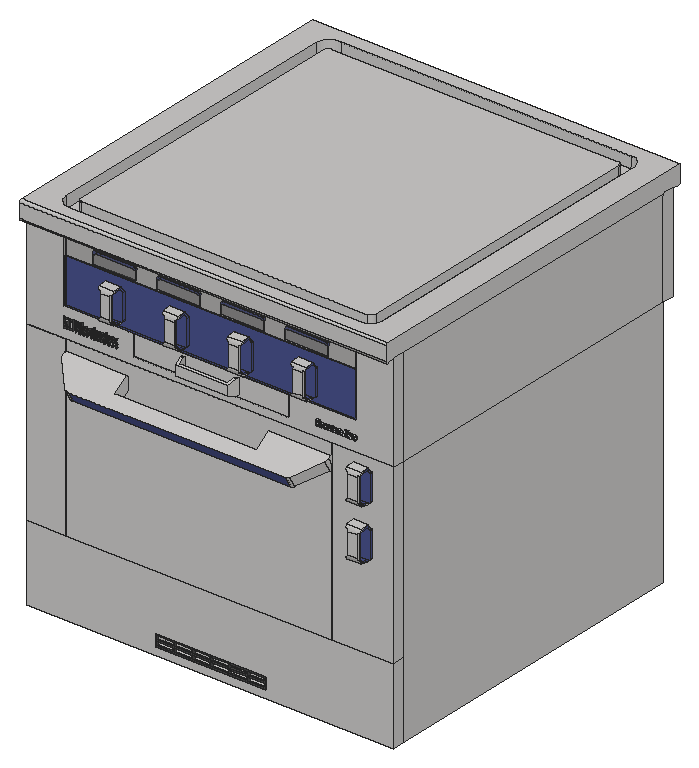
Revit family "QF_ELECTROLUXPROFESSIONAL_588425_MATGFAH8AO", category Attrezzature speciali, Revit 2020 (continued)
Definition of nested family "Front_Panel_W800_Four Knobs"
  Definition of nested family "ELX_Professional_Logo_Small"
    Forms (mm)
      Extrusion 2, solid, material <- "Material_Logo"
        sketch origin (15.5, 0, 0) x (1, 0, 0) y (0, 1, 0)
          loop
            spline (-24.446, 2.769) -> (-24.47, 3.075) -> (-24.54, 3.37) -> (-24.654, 3.65) -> (-24.807, 3.913) -> (-24.996, 4.156) -> (-25.219, 4.376) -> (-25.472, 4.57) -> (-25.753, 4.736) -> (-26.057, 4.869) -> (-26.382, 4.968) -> (-26.724, 5.03) -> (-27.081, 5.051)
            spline (-27.081, 5.051) -> (-27.464, 5.03) -> (-27.832, 4.97) -> (-28.183, 4.872) -> (-28.513, 4.74) -> (-28.819, 4.577) -> (-29.099, 4.384) -> (-29.347, 4.165) -> (-29.563, 3.923) -> (-29.742, 3.659) -> (-29.881, 3.377) -> (-29.977, 3.079) -> (-30.027, 2.769)
            line (-30.027, 2.769) -> (-24.446, 2.769)
          loop
            spline (-18.167, 1.669) -> (-18.138, 2.13) -> (-18.055, 2.567) -> (-17.921, 2.978) -> (-17.739, 3.358) -> (-17.512, 3.705) -> (-17.243, 4.016) -> (-16.937, 4.287) -> (-16.596, 4.517) -> (-16.223, 4.7) -> (-15.823, 4.835) -> (-15.398, 4.919) -> (-14.951, 4.947)
            spline (-14.951, 4.947) -> (-14.677, 4.938) -> (-14.414, 4.913) -> (-14.162, 4.871) -> (-13.921, 4.812) -> (-13.69, 4.738) -> (-13.467, 4.649) -> (-13.254, 4.544) -> (-13.048, 4.424) -> (-12.85, 4.291) -> (-12.659, 4.143) -> (-12.474, 3.981) -> (-12.295, 3.806)
            line (-12.295, 3.806) -> (-10.76, 5.403)
            spline (-10.76, 5.403) -> (-11.065, 5.709) -> (-11.38, 5.984) -> (-11.703, 6.228) -> (-12.035, 6.443) -> (-12.375, 6.63) -> (-12.723, 6.788) -> (-13.078, 6.92) -> (-13.44, 7.026) -> (-13.809, 7.107) -> (-14.184, 7.164) -> (-14.564, 7.198) -> (-14.951, 7.209)
            spline (-14.951, 7.209) -> (-15.725, 7.161) -> (-16.467, 7.02) -> (-17.169, 6.792) -> (-17.826, 6.482) -> (-18.43, 6.096) -> (-18.976, 5.637) -> (-19.455, 5.112) -> (-19.862, 4.525) -> (-20.19, 3.882) -> (-20.433, 3.189) -> (-20.584, 2.449) -> (-20.635, 1.669)
            spline (-20.635, 1.669) -> (-20.584, 0.889) -> (-20.433, 0.149) -> (-20.19, -0.545) -> (-19.862, -1.187) -> (-19.455, -1.774) -> (-18.976, -2.299) -> (-18.43, -2.758) -> (-17.826, -3.145) -> (-17.169, -3.454) -> (-16.467, -3.682) -> (-15.725, -3.823) -> (-14.951, -3.871)
            spline (-14.951, -3.871) -> (-14.564, -3.86) -> (-14.184, -3.826) -> (-13.809, -3.77) -> (-13.44, -3.689) -> (-13.078, -3.583) -> (-12.723, -3.451) -> (-12.375, -3.292) -> (-12.035, -3.105) -> (-11.703, -2.89) -> (-11.38, -2.646) -> (-11.065, -2.371) -> (-10.76, -2.066)
            line (-10.76, -2.066) -> (-12.295, -0.468)
            spline (-12.295, -0.468) -> (-12.474, -0.643) -> (-12.659, -0.805) -> (-12.85, -0.953) -> (-13.048, -1.087) -> (-13.254, -1.206) -> (-13.467, -1.311) -> (-13.69, -1.4) -> (-13.921, -1.475) -> (-14.162, -1.533) -> (-14.414, -1.575) -> (-14.677, -1.6) -> (-14.951, -1.609)
            spline (-14.951, -1.609) -> (-15.398, -1.581) -> (-15.823, -1.497) -> (-16.223, -1.362) -> (-16.596, -1.179) -> (-16.937, -0.95) -> (-17.243, -0.678) -> (-17.512, -0.367) -> (-17.739, -0.02) -> (-17.921, 0.36) -> (-18.055, 0.771) -> (-18.138, 1.208) -> (-18.167, 1.669)
          loop
            spline (-4.441, -1.243) -> (-4.659, -1.247) -> (-4.894, -1.23) -> (-5.137, -1.19) -> (-5.384, -1.121) -> (-5.628, -1.021) -> (-5.864, -0.884) -> (-6.084, -0.708) -> (-6.283, -0.488) -> (-6.454, -0.219) -> (-6.592, 0.101) -> (-6.69, 0.478) -> (-6.742, 0.914)
            line (-6.742, 0.914) -> (-6.742, 4.587) -> (-4.487, 4.587) -> (-4.487, 6.838) -> (-6.738, 6.838) -> (-6.738, 10.824) -> (-9.217, 10.824) -> (-9.217, 0.773)
            spline (-9.217, 0.773) -> (-9.164, 0.19) -> (-9.068, -0.358) -> (-8.928, -0.87) -> (-8.742, -1.343) -> (-8.511, -1.777) -> (-8.232, -2.168) -> (-7.904, -2.515) -> (-7.527, -2.816) -> (-7.098, -3.069) -> (-6.618, -3.273) -> (-6.084, -3.426) -> (-5.496, -3.525)
            line (-5.496, -3.525) -> (-4.45, -3.573) -> (-4.441, -1.243)
          loop
            spline (3.898, 6.983) -> (3.469, 7.009) -> (3.056, 7.001) -> (2.661, 6.961) -> (2.283, 6.888) -> (1.925, 6.785) -> (1.588, 6.652) -> (1.272, 6.49) -> (0.979, 6.301) -> (0.71, 6.085) -> (0.465, 5.844) -> (0.247, 5.578) -> (0.056, 5.289)
            line (0.056, 5.289) -> (0.056, 6.838) -> (-2.402, 6.838) -> (-2.402, -3.572) -> (0.056, -3.572) -> (0.056, 1.901)
            spline (0.056, 1.901) -> (0.079, 2.316) -> (0.145, 2.703) -> (0.254, 3.06) -> (0.404, 3.386) -> (0.592, 3.679) -> (0.818, 3.938) -> (1.08, 4.162) -> (1.375, 4.348) -> (1.703, 4.495) -> (2.062, 4.602) -> (2.45, 4.668) -> (2.865, 4.69)
            line (2.865, 4.69) -> (3.898, 4.586) -> (3.898, 6.983)
          loop
            spline (15.638, 1.633) -> (15.586, 2.396) -> (15.435, 3.124) -> (15.192, 3.81) -> (14.863, 4.449) -> (14.455, 5.034) -> (13.975, 5.56) -> (13.43, 6.021) -> (12.826, 6.411) -> (12.17, 6.724) -> (11.469, 6.955) -> (10.729, 7.098) -> (9.958, 7.147)
            spline (9.958, 7.147) -> (9.182, 7.098) -> (8.44, 6.955) -> (7.737, 6.724) -> (7.081, 6.411) -> (6.477, 6.021) -> (5.933, 5.56) -> (5.454, 5.034) -> (5.048, 4.449) -> (4.721, 3.81) -> (4.479, 3.124) -> (4.329, 2.396) -> (4.277, 1.633)
            spline (4.277, 1.633) -> (4.329, 0.869) -> (4.479, 0.141) -> (4.721, -0.544) -> (5.048, -1.183) -> (5.454, -1.768) -> (5.933, -2.294) -> (6.477, -2.755) -> (7.081, -3.145) -> (7.737, -3.459) -> (8.44, -3.69) -> (9.182, -3.833) -> (9.958, -3.882)
            spline (9.958, -3.882) -> (10.729, -3.833) -> (11.469, -3.69) -> (12.17, -3.459) -> (12.826, -3.145) -> (13.43, -2.755) -> (13.975, -2.294) -> (14.455, -1.768) -> (14.863, -1.183) -> (15.192, -0.544) -> (15.435, 0.141) -> (15.586, 0.869) -> (15.638, 1.633)
          loop
            spline (13.18, 1.633) -> (13.151, 2.083) -> (13.067, 2.513) -> (12.932, 2.918) -> (12.748, 3.296) -> (12.52, 3.642) -> (12.251, 3.954) -> (11.943, 4.227) -> (11.601, 4.459) -> (11.228, 4.645) -> (10.828, 4.782) -> (10.403, 4.867) -> (9.958, 4.896)
            spline (9.958, 4.896) -> (9.509, 4.867) -> (9.081, 4.782) -> (8.679, 4.645) -> (8.306, 4.459) -> (7.964, 4.227) -> (7.658, 3.954) -> (7.39, 3.642) -> (7.163, 3.296) -> (6.981, 2.918) -> (6.847, 2.513) -> (6.765, 2.083) -> (6.736, 1.633)
            spline (6.736, 1.633) -> (6.765, 1.182) -> (6.847, 0.753) -> (6.981, 0.347) -> (7.163, -0.031) -> (7.39, -0.377) -> (7.658, -0.689) -> (7.964, -0.962) -> (8.306, -1.193) -> (8.679, -1.38) -> (9.081, -1.517) -> (9.509, -1.602) -> (9.958, -1.631)
            spline (9.958, -1.631) -> (10.403, -1.602) -> (10.828, -1.517) -> (11.228, -1.38) -> (11.601, -1.193) -> (11.943, -0.962) -> (12.251, -0.689) -> (12.52, -0.377) -> (12.748, -0.031) -> (12.932, 0.347) -> (13.067, 0.753) -> (13.151, 1.182) -> (13.18, 1.633)
          loop
            line (17.162, 4.269) -> (17.162, -3.573) -> (19.642, -3.573) -> (19.642, 10.824) -> (17.162, 10.824) -> (17.162, 4.269)
          loop
            line (28.581, 6.838) -> (28.581, 0.786)
            spline (28.581, 0.786) -> (28.561, 0.393) -> (28.503, 0.038) -> (28.409, -0.279) -> (28.281, -0.559) -> (28.122, -0.802) -> (27.933, -1.011) -> (27.717, -1.185) -> (27.476, -1.325) -> (27.213, -1.433) -> (26.929, -1.509) -> (26.626, -1.554) -> (26.308, -1.569)
            spline (26.308, -1.569) -> (25.99, -1.554) -> (25.688, -1.509) -> (25.404, -1.434) -> (25.141, -1.326) -> (24.9, -1.187) -> (24.684, -1.014) -> (24.496, -0.807) -> (24.336, -0.565) -> (24.209, -0.288) -> (24.115, 0.026) -> (24.057, 0.376) -> (24.037, 0.765)
            line (24.037, 0.765) -> (24.037, 6.838) -> (21.537, 6.838) -> (21.537, 0.558)
            spline (21.537, 0.558) -> (21.581, -0.153) -> (21.71, -0.8) -> (21.916, -1.384) -> (22.195, -1.904) -> (22.54, -2.362) -> (22.944, -2.757) -> (23.403, -3.09) -> (23.909, -3.362) -> (24.456, -3.572) -> (25.04, -3.722) -> (25.652, -3.811) -> (26.288, -3.841)
            spline (26.288, -3.841) -> (26.929, -3.811) -> (27.547, -3.72) -> (28.135, -3.568) -> (28.687, -3.355) -> (29.197, -3.079) -> (29.66, -2.741) -> (30.068, -2.341) -> (30.415, -1.877) -> (30.696, -1.349) -> (30.905, -0.757) -> (31.034, -0.101) -> (31.079, 0.621)
            line (31.079, 0.621) -> (31.079, 6.838) -> (28.581, 6.838)
          loop
            line (40.457, -0.243) -> (38.894, 1.942) -> (40.83, 4.579) -> (42.488, 6.837) -> (39.782, 6.837) -> (37.53, 3.719) -> (35.258, 6.837) -> (32.573, 6.837) -> (34.113, 4.731) -> (36.167, 1.922) -> (34.014, -1.076) -> (32.222, -3.573) -> (34.887, -3.573) -> (37.53, 0.104) -> (40.174, -3.573) -> (42.839, -3.573) -> (40.457, -0.243)
          loop
            line (-46.121, -5.837) -> (-48.039, -5.837) -> (-48.039, -10.814) -> (-47.016, -10.814) -> (-47.016, -9.128) -> (-46.121, -9.128)
            arc (-46.121, -9.128) -> (-44.476, -7.482) -> (-46.121, -5.837) r 1.645
          loop
            line (-46.163, -6.778) -> (-47.016, -6.778) -> (-47.016, -8.187) -> (-46.163, -8.187)
            arc (-46.163, -8.187) -> (-45.458, -7.482) -> (-46.163, -6.778) r 0.704
          loop
            line (-38.313, -5.837) -> (-40.265, -5.837) -> (-40.265, -10.814) -> (-39.241, -10.814) -> (-39.241, -9.1) -> (-38.46, -9.182) -> (-37.48, -10.814) -> (-36.318, -10.814) -> (-37.513, -8.848)
            arc (-37.513, -8.848) -> (-36.888, -8.266) -> (-36.671, -7.441) r 1.536
            arc (-36.671, -7.441) -> (-37.165, -6.305) -> (-38.313, -5.837) r 1.643
          loop
            arc (-38.402, -8.166) -> (-37.707, -7.505) -> (-38.334, -6.778) r 0.696
            line (-38.334, -6.778) -> (-39.241, -6.778) -> (-39.241, -8.166) -> (-38.402, -8.166)
          loop
            circle (-29.965, -8.325) r 2.585
          loop
            circle (-29.965, -8.325) r 1.64
          loop
            line (-23.1, -5.837) -> (-23.1, -10.814) -> (-22.076, -10.814) -> (-22.076, -8.768) -> (-20.204, -8.768) -> (-20.204, -7.828) -> (-22.076, -7.828) -> (-22.076, -6.778) -> (-20.024, -6.778) -> (-20.024, -5.837) -> (-23.1, -5.837)
          loop
            line (-15.802, -5.837) -> (-15.802, -9.2)
            arc (-15.802, -9.2) -> (-15.343, -10.34) -> (-14.209, -10.814) r 1.593
            line (-14.209, -10.814) -> (-12.602, -10.814) -> (-12.602, -10.027) -> (-14.004, -10.027)
            arc (-14.004, -10.027) -> (-14.552, -9.8) -> (-14.779, -9.252) r 0.775
            line (-14.779, -9.252) -> (-14.779, -8.424) -> (-12.789, -8.424) -> (-12.789, -7.642) -> (-14.779, -7.642) -> (-14.779, -6.778) -> (-12.651, -6.778) -> (-12.651, -5.837) -> (-15.802, -5.837)
          loop
            line (-5.909, -7.143) -> (-5.173, -6.638)
            arc (-5.173, -6.638) -> (-5.855, -5.974) -> (-6.781, -5.755) r 1.782
            arc (-6.781, -5.755) -> (-7.397, -5.878) -> (-7.944, -6.189) r 1.974
            arc (-7.944, -6.189) -> (-8.202, -6.5) -> (-8.317, -6.888) r 1.013
            arc (-8.317, -6.888) -> (-8.306, -7.341) -> (-8.192, -7.78) r 1.985
            arc (-8.192, -7.78) -> (-7.749, -8.259) -> (-7.171, -8.563) r 1.928
            arc (-7.171, -8.563) -> (-6.637, -8.779) -> (-6.131, -9.056) r 5.041
            arc (-6.131, -9.056) -> (-5.934, -9.387) -> (-6.09, -9.74) r 0.42
            arc (-6.09, -9.74) -> (-6.631, -9.96) -> (-7.204, -9.845) r 1.016
            arc (-7.204, -9.845) -> (-7.625, -9.603) -> (-7.889, -9.196) r 1.033
            line (-7.889, -9.196) -> (-8.67, -9.686)
            arc (-8.67, -9.686) -> (-8.361, -10.198) -> (-7.908, -10.589) r 1.914
            arc (-7.908, -10.589) -> (-7.334, -10.834) -> (-6.714, -10.896) r 2.063
            arc (-6.714, -10.896) -> (-5.947, -10.743) -> (-5.256, -10.376) r 2.696
            arc (-5.256, -10.376) -> (-4.95, -9.565) -> (-5.108, -8.712) r 1.618
            arc (-5.108, -8.712) -> (-5.448, -8.319) -> (-5.884, -8.035) r 1.876
            arc (-5.884, -8.035) -> (-6.434, -7.789) -> (-6.999, -7.577) r 9.883
            arc (-6.999, -7.577) -> (-7.325, -7.07) -> (-6.854, -6.694) r 0.45
            arc (-6.854, -6.694) -> (-6.329, -6.809) -> (-5.909, -7.143) r 1.197
          loop
            line (1.61, -7.143) -> (2.345, -6.638)
            arc (2.345, -6.638) -> (1.663, -5.974) -> (0.737, -5.755) r 1.782
            arc (0.737, -5.755) -> (0.121, -5.878) -> (-0.425, -6.189) r 1.974
            arc (-0.425, -6.189) -> (-0.683, -6.5) -> (-0.799, -6.888) r 1.013
            arc (-0.799, -6.888) -> (-0.788, -7.341) -> (-0.674, -7.78) r 1.985
            arc (-0.674, -7.78) -> (-0.231, -8.259) -> (0.347, -8.563) r 1.928
            arc (0.347, -8.563) -> (0.881, -8.779) -> (1.387, -9.056) r 5.041
            arc (1.387, -9.056) -> (1.584, -9.387) -> (1.428, -9.74) r 0.42
            arc (1.428, -9.74) -> (0.887, -9.96) -> (0.314, -9.845) r 1.016
            arc (0.314, -9.845) -> (-0.107, -9.603) -> (-0.371, -9.196) r 1.033
            line (-0.371, -9.196) -> (-1.152, -9.686)
            arc (-1.152, -9.686) -> (-0.842, -10.198) -> (-0.39, -10.589) r 1.914
            arc (-0.39, -10.589) -> (0.184, -10.834) -> (0.804, -10.896) r 2.063
            arc (0.804, -10.896) -> (1.572, -10.743) -> (2.263, -10.376) r 2.696
            arc (2.263, -10.376) -> (2.568, -9.565) -> (2.411, -8.712) r 1.618
            arc (2.411, -8.712) -> (2.07, -8.319) -> (1.635, -8.035) r 1.876
            arc (1.635, -8.035) -> (1.084, -7.789) -> (0.519, -7.577) r 9.883
            arc (0.519, -7.577) -> (0.193, -7.07) -> (0.665, -6.694) r 0.45
            arc (0.665, -6.694) -> (1.189, -6.809) -> (1.61, -7.143) r 1.197
          loop
            line (6.801, -5.837) -> (6.801, -10.814) -> (7.825, -10.814) -> (7.825, -5.837) -> (6.801, -5.837)
          loop
            circle (14.724, -8.325) r 1.548
          loop
            circle (14.724, -8.325) r 2.585
          loop
            line (21.59, -10.814) -> (22.623, -10.814) -> (22.623, -7.685) -> (24.9, -10.814) -> (25.895, -10.814) -> (25.895, -5.837) -> (24.861, -5.837) -> (24.861, -9.061) -> (22.585, -5.837) -> (21.59, -5.837) -> (21.59, -10.814)
          loop
            line (31.054, -10.814) -> (31.539, -9.74) -> (33.38, -9.74) -> (33.865, -10.814) -> (34.965, -10.814) -> (32.46, -5.837) -> (29.956, -10.814) -> (31.054, -10.814)
          loop
            line (32.46, -7.698) -> (31.999, -8.719) -> (32.921, -8.719) -> (32.46, -7.698)
          loop
            line (40.047, -9.873) -> (40.047, -5.837) -> (39.024, -5.837) -> (39.024, -10.814) -> (41.961, -10.814) -> (41.961, -9.873) -> (40.047, -9.873)
          loop
            line (-74.986, -10.814) -> (-53.322, -10.814) -> (-53.322, 10.82) -> (-74.986, 10.82) -> (-74.986, -10.814)
          loop
            line (-61.261, 9.758) -> (-61.261, -9.707)
            arc (-61.261, -9.707) -> (-54.066, 0.025) -> (-61.261, 9.758) r 10.18
          loop
            line (-62.251, 8.349) -> (-62.251, 9.758)
            arc (-62.251, 9.758) -> (-70.347, 7.918) -> (-74.247, 0.59) r 9.976
            line (-74.247, 0.59) -> (-71.026, 0.59)
            arc (-71.026, 0.59) -> (-65.274, 2.925) -> (-62.251, 8.349) r 9.351
          loop
            arc (-74.247, -0.539) -> (-70.353, -7.928) -> (-62.251, -9.957) r 10.237
            line (-62.251, -9.957) -> (-62.251, -8.298)
            arc (-62.251, -8.298) -> (-65.274, -2.874) -> (-71.026, -0.539) r 9.351
            line (-71.026, -0.539) -> (-74.247, -0.539)
        from 0 to 1.644
    Dimensions and locks
      aligned and locked: plane 2 to Extrusion 1
      aligned and locked: level to Extrusion 1
